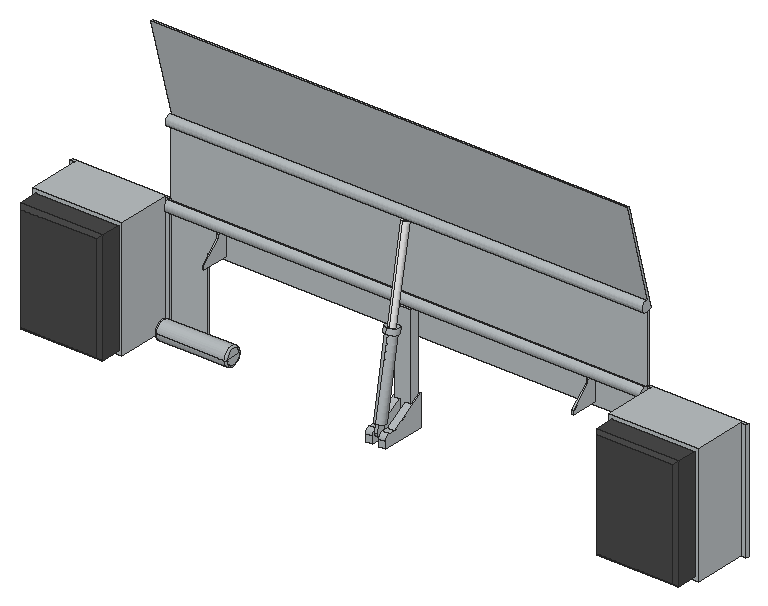
Revit family "DockEquipment_Leveler_Pentalift_EDH", category Specialty Equipment, host Face, Revit 2024
Family settings
  Host = Face
  Round Connector Dimension = Use Diameter
  Part Type = Normal
  Enable Cutting in Views = No
  Cut with Voids When Loaded = No
  Maintain Annotation Orientation = No
  Shared = No
  Room Calculation Point = No
Parameters
  YTotal [instance] = InclHeight + Unit Depth - 0' 2 1/4"  # 2' - 2 1/2"
  XDim [instance] = (((Platform Length - 0' 0 3/4") * cos(Incline Angle)) + (0' 0 1/4" * sin(Incline Angle))) - 0' 6" + 0' 0 3/4"  # -0' - 5"
  Warranty Duration (Years) = 0
  Unit Width = 6' - 0"
  Unit Depth = 1' - 6"
  URL = "http://www.pentalift.com/index.php"
  Test Data = ""
  Specification = ""
  SpecWizard = ""
  Send Message = "http://www.arcat.com/users.pl?action=UserEmail&company=Pentalift Equipment Corp.&coid=34752&rep=119&fax=519-763-2894&mf="
  Sales Information = "http://www.pentalift.com/about-us.htm"
  Revision = "R1_1_2012"
  Product Properties = ""
  Product Data = "http://www.arcat.com/arcatcos/cos34/arc34752.html"
  Pit Length = 1' - 0"
  PistonAngle [instance] = if(PA < 0.00°, (90.00° - abs(PA)) + 90.00°, PA)  # 100.685°
  Piston Length [instance] = abs(XDim / cos(PA))  # 2' - 2.96757"
  PL/2 [instance] = Piston Length / 2  # 1' - 1.48379"
  Platform Length = 0' - 11 1/2"
  PA [instance] = atan(YTotal / XDim)  # -79.3151°
  Model = "As Specified"
  Material = Metal - Steel - Pentalift - Painted - Gray
  Manufacturer Website = "http://www.pentalift.com/index.php"
  Manufacturer Phone - Toll Free = ""
  Manufacturer Phone = "519-763-3625"
  Manufacturer Fax = "519-763-2894"
  Manufacturer Address = "21 Nicholas Beaver Rd. Guelph, ON, Canada N1H 6H9 "
  Manufacturer = "Pentalift Equipment Corp."
  Maintenance Schedule (Months) = 0
  Lip Length [instance] = 1' - 4"
  Lip Angle [instance] = 0.00°
  Keynote = "11160"
  Installation-Fabrication = ""
  Installation Phase = ""
  Incline Angle [instance] = 90.00°
  InclHeight [instance] = ((Platform Length - 0' 0 3/4") * sin(Incline Angle)) - (0' 0 1/4" * cos(Incline Angle))  # 0' - 10 3/4"
  Green Building-LEED = ""
  Pit Extension Right [instance] = 1' - 3"
  Pit Extension Left [instance] = 1' - 3"
  Expected Lifespan (Years) = 0
  Drawn By = "Sumex Design, Inc. / Robert S. Weygant, CSI, CDT, SCIP"
  Description = "Pentalift Dock Equipment as Specified"
  Default Elevation = 4' - 0"
  Copyright = "©Arcat Inc."
  Construction Details = "http://www.arcat.com/details/pentalif/pentalif.html?coid=34752"
  Capacity (Weight) = 100.00 kip
  Building Codes = ""
  Assembly Code = "E1030300"
Reference planes (in)
  plane 1 "Center (Front/Back)": y = 0
  plane 2: z = 0
  plane 3 "Center (Left/Right)": x = 0
  plane 4: y = 6
  plane 5: y = -6
  plane 6: x = -36
  plane 7: x = 36
  plane 8: z = -18
  plane 9: x = -28
  plane 10: x = 28
  plane 11: y = 0
  plane 12: z = -16.5
  plane 13: z = -14
  plane 14: x = -51
  plane 15: x = 51
Forms (in)
  Extrusion 1, void
    sketch origin (0, 0, 0) x (1, 0, 0) y (0, 1, 0)
      loop
        line (-51, -6) -> (51, -6) -> (51, 6) -> (-51, 6) -> (-51, -6)
    from 0 to -18
  Revolve 2, solid, material "Metal - Steel - Pentalift - Painted - Gray" <- "Material"
    sketch origin (0, 0, -16.5) x (0, 0.185408, 0.982662) y (0, -0.982662, 0.185408)
      loop
        line (1.25, 0) -> (13.48379, 0) -> (13.48379, 1) -> (12.73379, 1) -> (12.73379, 0.75) -> (1.25, 0.75) -> (1.25, 0)
      axis (1.25, 0) -> (13.48379, 0)
    angle from 0 to 360
  Revolve 3, solid, material "Metal - Chrome - Pentalift - Polished"
    sketch origin (0, 0, -16.5) x (0, 0.185408, 0.982662) y (0, -0.982662, 0.185408)
      loop
        line (13.48379, 0) -> (26.96757, 0) -> (26.96757, 0.5) -> (13.48379, 0.5) -> (13.48379, 0)
      axis (13.48379, 0) -> (26.96757, 0)
    angle from 0 to 360
  Extrusion 4, solid, material "Metal - Steel - Pentalift - Painted - Gray" <- "Material"
    sketch origin (-11.83813, 6, 48) x (-1, 0, 0) y (0, 0, 1)
      loop
        line (24.16187, -49.5) -> (-47.83813, -49.5) -> (-47.83813, -53.5) -> (18.66187, -53.5) -> (18.66187, -66) -> (24.16187, -66) -> (24.16187, -49.5)
    from 0 to -0.25
  Extrusion 5, solid, material "Metal - Steel - Pentalift - Painted - Gray" <- "Material"
    sketch origin (0, 0, 0) x (0, 1, 0) y (0, 0, 1)
      loop
        line (6, -18) -> (6, -13.26748) -> (1.06106, -16.1875) -> (0.1875, -16.1875)
        arc (0.1875, -16.1875) -> (-0.34283, -16.40717) -> (-0.5625, -16.9375) r 0.75
        line (-0.5625, -16.9375) -> (-0.5625, -18) -> (6, -18)
    from 0.5 to 1.5
  Sweep 6, solid, material "Metal - Steel - Pentalift - Painted - Gray" <- "Material"
    path origin (6.16187, 6, 48) x (-1, 0, 0) y (0, 0, 1)
      loop
        line (6.16187, -66) -> (6.16187, -49.5)
    profile origin (0, 6, -9.75) x (1, 0, 0) y (0, 1, 0)
      loop
        line (-1.25, -0.25) -> (-1.25, -1.5) -> (1.25, -1.5) -> (1.25, -0.25) -> (-1.25, -0.25)
  Extrusion 7, solid, material "Metal - Steel - Pentalift - Painted - Gray" <- "Material"
    sketch origin (0, 0, -16.5) x (0, 0.185408, 0.982662) y (0, -0.982662, 0.185408)
      loop
        line (1.25, 0.5) -> (0, 0.5)
        arc (0, 0.5) -> (-0.5, 0) -> (0, -0.5) r 0.5
        line (0, -0.5) -> (1.25, -0.5) -> (1.25, 0.5)
    from -0.25 to 0.25
  Extrusion 8, solid, material "Metal - Steel - Pentalift - Painted - Gray" <- "Material"
    sketch origin (0, 0, 0) x (0, 1, 0) y (0, 0, 1)
      loop
        line (6, -18) -> (6, -13.26748) -> (1.06106, -16.1875) -> (0.1875, -16.1875)
        arc (0.1875, -16.1875) -> (-0.34283, -16.40717) -> (-0.5625, -16.9375) r 0.75
        line (-0.5625, -16.9375) -> (-0.5625, -18) -> (6, -18)
    from -0.5 to -1.5
  Revolve 9, solid, material "Metal - Steel - Pentalift - Painted - Gray" <- "Material"
    sketch origin (19.5, -180, -14) x (-1, 0, 0) y (0, -1, 0)
      loop
        line (41.5, -180) -> (41.5, -181.125)
        arc (41.5, -181.125) -> (41.57322, -181.30178) -> (41.75, -181.375) r 0.25
        line (41.75, -181.375) -> (52, -181.375)
        arc (52, -181.375) -> (52.17678, -181.30178) -> (52.25, -181.125) r 0.25
        line (52.25, -181.125) -> (52.25, -180) -> (41.5, -180)
      axis (41.5, -180) -> (52.25, -180)
    angle from 0 to 360
  Extrusion 10, solid, material "Metal - Steel - Pentalift - Painted - Gray" <- "Material"
    sketch origin (28, 60, 48) x (0, 1, 0) y (0, 0, 1)
      loop
        line (-54.25, -53) -> (-54.25, -49.5) -> (-55.5, -49.5) -> (-55.5, -50) -> (-58.28679, -52.50924) -> (-58.28679, -53) -> (-54.25, -53)
    from 0 to -0.25
  Extrusion 11, solid, material "Metal - Steel - Pentalift - Painted - Gray" <- "Material"
    sketch origin (-28, 60, 48) x (0, 1, 0) y (0, 0, 1)
      loop
        line (-54.25, -53) -> (-54.25, -49.5) -> (-55.5, -49.5) -> (-55.5, -50) -> (-58.28679, -52.50924) -> (-58.28679, -53) -> (-54.25, -53)
    from 0 to 0.25
  Extrusion 12, solid, material "Metal - Steel - Pentalift - Painted - Gray" <- "Material"
    sketch origin (0, 0, 0) x (1, 0, 0) y (0, 1, 0)
      loop
        line (-51, 6) -> (-51, 5.5) -> (-50.25, 5.5) -> (-50.25, -2.5) -> (-36.75, -2.5) -> (-36.75, 5.5) -> (-36, 5.5) -> (-36, 6) -> (-51, 6)
      loop
        line (51, 6) -> (36, 6) -> (36, 5.5) -> (36.75, 5.5) -> (36.75, -2.5) -> (50.25, -2.5) -> (50.25, 5.5) -> (51, 5.5) -> (51, 6)
    from 0 to -18
  Sweep 13, solid, material "Rubber - Pentalift - Black"
    path in 3D
      loop
        line (-36.75, -2.5, 0) -> (-36.75, -2.5, -18) -> (-50.25, -2.5, -18) -> (-50.25, -2.5, 0) -> (-36.75, -2.5, 0)
    profile origin (-43.5, -2.5, 0) x (0, 1, 0) y (0, 0, 1)
      loop
        line (0, -0.5) -> (-3, -0.5) -> (-3.5, -1) -> (-3.5, -3) -> (0, -3) -> (0, -0.5)
  Sweep 14, solid, material "Rubber - Pentalift - Black"
    path in 3D
      loop
        line (50.25, -2.5, 0) -> (50.25, -2.5, -18) -> (36.75, -2.5, -18) -> (36.75, -2.5, 0) -> (50.25, -2.5, 0)
    profile origin (43.5, -2.5, 0) x (0, 1, 0) y (0, 0, 1)
      loop
        line (0, -0.5) -> (-3, -0.5) -> (-3.5, -1) -> (-3.5, -3) -> (0, -3) -> (0, -0.5)
  Extrusion 15, solid, material "Rubber - Pentalift - Black"
    sketch origin (-36.75, -2.5, 0) x (-1, 0, 0) y (0, 0, -1)
      loop
        line (10.5, 3) -> (10.5, 15) -> (3, 15) -> (3, 3) -> (10.5, 3)
      loop
        line (-76.5, 15) -> (-84, 15) -> (-84, 3) -> (-76.5, 3) -> (-76.5, 15)
    from 0 to 3.5
Cuts and joins
  joined: Extrusion 4, Extrusion 5, Sweep 6, Extrusion 8, Extrusion 10, Extrusion 11
  joined: Revolve 2, Extrusion 7
  joined: Sweep 13, Sweep 14, Extrusion 15
Lines and regions (in)
  reference lines
    curve 1: line (0, 5.25, -0.75) -> (0, 5.25, 75.25)
    curve 2: line (0, 0, -16.5) -> (0, 9.82662, 35.58107)
  sketch lines
    curve 3: line (-50.25, -2.5, 0) -> (-36.75, -2.5, 0)
    curve 4: line (-36.75, -2.5, 0) -> (-36.75, -2.5, -18)
    curve 5: line (-36.75, -2.5, -18) -> (-50.25, -2.5, -18)
    curve 6: line (-50.25, -2.5, 0) -> (-50.25, -2.5, -18)
    curve 7: line (36.75, -2.5, 0) -> (50.25, -2.5, 0)
    curve 8: line (36.75, -2.5, 0) -> (36.75, -2.5, -18)
    curve 9: line (50.25, -2.5, -18) -> (36.75, -2.5, -18)
    curve 10: line (50.25, -2.5, 0) -> (50.25, -2.5, -18)
Text (in)
  text "Needs electrical connection - assume this would connect to hydraulic motor..." at (51.60765, 15.26914, 0), in view "Ref. Level"
Dimensions and locks (in)
  "Unit Depth": level to plane 8
  equal spacing: plane 4, plane 1 "Center (Front/Back)", plane 5
  equal spacing: plane 6, plane 3 "Center (Left/Right)", plane 7
  "Unit Width": plane 6 to plane 7
  locked: plane 6 to plane 9 at 8
  locked: plane 4 to plane 11 at 6
  locked: plane 12 to plane 8 at 1.5
  locked: plane 10 to plane 7 at 8
  "PL/2": curve 2 to Revolve 2 sketch curve
  locked: Revolve 2 sketch curve to Revolve 2 sketch curve at 0.75
  "PL/2": Revolve 3 sketch curve to curve 2
  "Piston Length": curve 2 to Revolve 3 sketch curve
  locked: plane 13 to plane 12 at 2.5
  "Pit Length": plane 4 to plane 5
  "Pit Extension Right": plane 7 to plane 15
  "Pit Extension Left": plane 14 to plane 6
  locked: plane 4 to curve 1 at 0.75
  locked: level to curve 1 at 0.75
  plane 15 to Extrusion 15 sketch curve to Extrusion 15 sketch curve = 0' - 3 3/4" locked, 0' - 7 1/2" locked
  "Incline Angle": angle level to curve 1
  "PistonAngle": angle plane 12 to curve 2
  aligned and locked: plane 2 to host face
  aligned and locked: level to host face
  aligned and locked: Extrusion 1 to plane 8
  aligned and locked: Extrusion 12 to plane 8
Automatic sketch dimensions
  host sketch curve to host sketch curve = 9' - 9.36358"
  host sketch curve to host sketch curve = 2' - 5.73628"
  Extrusion 1 sketch curve to plane 4 = 0' - 0"
  Extrusion 1 sketch curve to plane 14 = 0' - 0"
  Extrusion 1 sketch curve to plane 5 = 0' - 0"
  Extrusion 1 sketch curve to plane 15 = 0' - 0"
  curve 2 to plane 11 = 0' - 0"
  curve 2 to plane 12 = 0' - 0"
  Revolve 3 sketch curve to curve 2 = 0' - 0"  (x2)
  Revolve 3 sketch curve to curve 2 = 0' - 1"
  Revolve 3 sketch curve to Revolve 3 sketch curve = 0' - 5 1/2"
  Revolve 3 sketch curve to Revolve 3 sketch curve = 0' - 0 1/2"
  Sweep 6 sketch curve to plane 3 "Center (Left/Right)" = 0' - 0"
  Sweep 6 sketch curve to plane 8 = 0' - 0"
  Sweep 6 sketch curve to level = 0' - 1 1/2"
  profile plane to Sweep 6 sketch curve = 0' - 1 1/4"
  Sweep 6 sketch curve to profile plane = 0' - 1 1/4"
  Sweep 6 sketch curve to plane 4 = 0' - 1 1/2"
  Sweep 6 sketch curve to plane 4 = 0' - 0 1/4"
  Extrusion 5 sketch curve to plane 8 = 0' - 0"
  Revolve 2 sketch curve to curve 2 = 0' - 0"  (x2)
  curve 2 to Revolve 2 sketch curve = 0' - 1 1/4"
  Revolve 2 sketch curve to curve 2 = 0' - 1"
  Revolve 2 sketch curve to Revolve 2 sketch curve = 0' - 5 1/2"
  curve 2 to Revolve 2 sketch curve = 0' - 0 3/4"
  Revolve 2 sketch curve to Revolve 2 sketch curve = 0' - 0 1/4"
  plane 12 to Extrusion 5 sketch curve = 0' - 0 5/16"
  Extrusion 5 sketch curve to plane 11 = 0' - 1.06106"
  plane 13 to Extrusion 5 sketch curve = 0' - 0.73252"
  Extrusion 5 sketch curve to plane 11 = 0' - 0 3/16"
  plane 8 to Extrusion 5 sketch curve = 0' - 1 1/16"
  Extrusion 5 sketch curve to plane 4 = 0' - 0"
  Extrusion 8 sketch curve to plane 8 = 0' - 0"
  Extrusion 8 sketch curve to plane 11 = 0' - 0 3/16"
  Extrusion 8 sketch curve to plane 4 = 0' - 0"
  plane 8 to Extrusion 8 sketch curve = 0' - 1 1/16"
  plane 11 to Extrusion 8 sketch curve = 0' - 0 9/16"
  Extrusion 8 sketch curve to Extrusion 8 sketch curve = 0' - 0.87356"
  plane 13 to Extrusion 8 sketch curve = 0' - 0.73252"
  Extrusion 7 sketch curve to curve 2 = 0' - 0"  (x3)
  Extrusion 7 sketch curve to curve 2 = 0' - 0 1/2"
  Extrusion 7 sketch curve to Extrusion 7 sketch curve = 0' - 1 1/4"
  Extrusion 4 sketch curve to plane 9 = 0' - 2 1/2"
  Extrusion 4 sketch curve to level = 0' - 1 1/2"
  Extrusion 4 sketch curve to plane 6 = 0' - 0"
  Extrusion 4 sketch curve to Extrusion 4 sketch curve = 0' - 4"
  Extrusion 4 sketch curve to plane 8 = 0' - 0"
  Extrusion 4 sketch curve to plane 7 = 0' - 0"
  Revolve 9 sketch curve to plane 1 "Center (Front/Back)" = 0' - 0"  (x2)
  plane 9 to Revolve 9 sketch curve = 0' - 7 1/4"
  Revolve 9 sketch curve to Revolve 9 sketch curve = 0' - 1 1/4"
  Revolve 9 sketch curve to Revolve 9 sketch curve = 0' - 0 1/4"  (x2)
  Revolve 9 sketch curve to plane 1 "Center (Front/Back)" = 0' - 1 3/8"
  plane 6 to Revolve 9 sketch curve = 0' - 3 1/2"
  Revolve 9 sketch curve to plane 6 = 0' - 1"
  Extrusion 10 sketch curve to plane 1 "Center (Front/Back)" = 0' - 1.71321"
  Extrusion 10 sketch curve to plane 4 = 0' - 1 1/2"
  Extrusion 10 sketch curve to plane 4 = 0' - 0 1/4"
  Extrusion 10 sketch curve to level = 0' - 5"
  Extrusion 10 sketch curve to Extrusion 10 sketch curve = 0' - 0.49076"
  Extrusion 10 sketch curve to level = 0' - 2"
  Extrusion 10 sketch curve to Extrusion 10 sketch curve = 0' - 0 1/2"
  Extrusion 11 sketch curve to plane 1 "Center (Front/Back)" = 0' - 1.71321"
  Extrusion 11 sketch curve to plane 4 = 0' - 1 1/2"
  Extrusion 11 sketch curve to plane 4 = 0' - 0 1/4"
  Extrusion 11 sketch curve to level = 0' - 5"
  Extrusion 11 sketch curve to Extrusion 11 sketch curve = 0' - 0.49076"
  Extrusion 11 sketch curve to level = 0' - 2"
  Extrusion 11 sketch curve to Extrusion 11 sketch curve = 0' - 0 1/2"
  Extrusion 12 sketch curve to plane 4 = 0' - 0"  (x2)
  Extrusion 12 sketch curve to plane 14 = 0' - 0"
  Extrusion 12 sketch curve to plane 6 = 0' - 0"
  Extrusion 12 sketch curve to plane 7 = 0' - 0"
  Extrusion 12 sketch curve to plane 15 = 0' - 0"
  plane 14 to Extrusion 12 sketch curve = 0' - 0 3/4"
  Extrusion 12 sketch curve to plane 6 = 0' - 0 3/4"
  plane 7 to Extrusion 12 sketch curve = 0' - 0 3/4"
  Extrusion 12 sketch curve to plane 15 = 0' - 0 3/4"
  Extrusion 12 sketch curve to plane 4 = 0' - 0 1/2"  (x3)
  Extrusion 12 sketch curve to Extrusion 12 sketch curve = 0' - 0 1/2"
  plane 1 "Center (Front/Back)" to Extrusion 12 sketch curve = 0' - 2 1/2"  (x2)
  Sweep 13 sketch curve to profile plane = 0' - 0"
  Sweep 13 sketch curve to profile plane = 0' - 0 1/2"
  profile plane to Sweep 13 sketch curve = 0' - 3"
  Sweep 13 sketch curve to Sweep 13 sketch curve = 0' - 0 1/2"  (x2)
  Sweep 13 sketch curve to profile plane = 0' - 3"
  Sweep 14 sketch curve to profile plane = 0' - 0"
  Sweep 14 sketch curve to profile plane = 0' - 0 1/2"
  profile plane to Sweep 14 sketch curve = 0' - 3"
  Sweep 14 sketch curve to Sweep 14 sketch curve = 0' - 0 1/2"  (x2)
  Sweep 14 sketch curve to Sweep 14 sketch curve = 0' - 2 1/2"
  Extrusion 12 to Extrusion 15 sketch curve = 0' - 3"  (x5)
  Extrusion 15 sketch curve to Extrusion 12 = 0' - 3"
Nested families (in)
  nested 1: "Platform_EOD" at (0, 5.25, 4.25) x (1, 0, 0) z (0, 1, 0), Material <- "Material", Unit Width <- "Unit Width", Unit Length <- "Platform Length", Lip Length <- "Lip Length", Lip Angle <- "Lip Angle", type "Platform_EOD"
    with offset 0' - 0", ll 1' - 3 1/4", Unit Width 6' - 0", Unit Length 0' - 11 1/2", Material Metal - Steel - Pentalift - Painted - Gray, Lip Length 1' - 4", Lip Angle 0.00°
Definition of nested family "Platform_EOD"
  Parameters
    offset [instance] = 0' - 0"
    ll [instance] = Lip Length - 0' 0 3/4"  # 1' - 3 1/4"
    Warranty Duration (Years) = 0
    Unit Width [instance] = 6' - 0"
    Unit Length [instance] = 0' - 11 1/2"
    Unit Depth = 0' - 6 1/4"
    URL = "http://www.pentalift.com/index.php"
    Specification = ""
    SpecWizard = ""
    Send Message = "http://www.arcat.com/users.pl?action=UserEmail&company=Pentalift Equipment Corp.&coid=34752&rep=119&fax=519-763-2894&mf="
    Sales Information = "http://www.pentalift.com/about-us.htm"
    Revision = "R1_01-2012"
    Product Properties = ""
    Product Data = "http://www.arcat.com/arcatcos/cos34/arc34752.html"
    Model = "As Specified"
    Material [instance] = none
    Manufacturer Website = "http://www.pentalift.com/index.php"
    Manufacturer Phone - Toll Free = ""
    Manufacturer Phone = "519-763-3625 "
    Manufacturer Fax = "519-763-2894"
    Manufacturer Address = "21 Nicholas Beaver Rd. Guelph, ON, Canada N1H 6H9 "
    Manufacturer = "Pentalift Equipment Corp."
    Maintenance Schedule (Months) = 0
    Lip Length [instance] = 1' - 4"
    Lip Angle [instance] = 15.00°
    Keynote = "11160"
    Installation-Fabrication = ""
    Installation Phase = ""
    Green Building-LEED = ""
    Expected Lifespan (Years) = 0
    Drawn By = "Sumex Design, Inc. / Robert S. Weygant, CSI, CDT, SCIP"
    Description = "Pentalift Dock Equipment as Specified"
    Default Elevation = 4' - 0"
    Copyright = "©Arcat Inc."
    Construction Details = "http://www.arcat.com/details/pentalif/pentalif.html?coid=34752"
    Assembly Code = "E1030300"
  Reference planes (in)
    plane 1 "Center (Front/Back)": y = 0
    plane 2 "Bottom": z = 0
    plane 3 "Center (Left/Right)": x = 0
    plane 4 "Front": y = -5.75
    plane 5 "Back": y = 5.75
    plane 6 "Left": x = -36
    plane 7 "Right": x = 36
    plane 8: y = -6.5
    plane 9: x = -28
    plane 10: x = -20
    plane 11: x = -12
    plane 12: x = -4
    plane 13: x = 4
    plane 14: x = 12
    plane 15: x = 20
    plane 16: x = 28
    plane 17: z = 0.75
    plane 18: y = 5
  Forms (in)
    Extrusion 1, solid, material <- "Material"
      sketch origin (0, 67, 0.75) x (0, 1, 0) y (-1, 0, 0)
        loop
          line (-61.5904, 36) -> (-72.75, 36) -> (-72.75, -36) -> (-61.5904, -36) -> (-61.5904, 36)
      from 0 to -0.25
    Extrusion 2, solid, material <- "Material"
      sketch origin (0, -6.5, 0.25) x (0, -0.965926, -0.258819) y (0, 0.258819, -0.965926)
        loop
          line (-0.75, -0.75) -> (15.25, -0.75) -> (15.25, -0.5) -> (0.55902, -0.5)
          arc (0.55902, -0.5) -> (0, 0.75) -> (-0.55902, -0.5) r 0.75
          line (-0.55902, -0.5) -> (-0.75, -0.5) -> (-0.75, -0.75)
      from -36 to 36
    Extrusion 3, solid, material <- "Material"
      sketch origin (-36, 16.34522, 48) x (0, 1, 0) y (0, 0, 1)
        loop
          circle (-11.34522, -48) r 0.75
      from 0 to 72
  Cuts and joins
    joined: Extrusion 1, Extrusion 3
  Lines and regions (in)
    reference lines
      curve 1: line (0, -6.5, 0.25) -> (0, -31.61407, -6.4793)
      curve 2: line (0, -6.5, 0.25) -> (0, -7.08234, 2.42333)
  Dimensions and locks (in)
    equal spacing: plane 6 "Left", plane 3 "Center (Left/Right)", plane 7 "Right"
    "Unit Width": plane 6 "Left" to plane 7 "Right"
    equal spacing: plane 5 "Back", plane 1 "Center (Front/Back)", plane 4 "Front"
    "Unit Length": plane 5 "Back" to plane 4 "Front"
    locked: plane 4 "Front" to plane 8 at 0.75
    equal spacing: plane 6 "Left", plane 9, plane 10, plane 11, plane 12, plane 13, plane 14, plane 15, plane 16, plane 7 "Right"
    locked: curve 1 to level at 0.25
    "ll": Extrusion 2 sketch curve to curve 2
    locked: curve 2 to Extrusion 2 sketch curve at 0.75
    locked: plane 17 to level at 0.75
    locked: plane 5 "Back" to plane 18 at 0.75
    aligned and locked: Extrusion 2 to plane 6 "Left"
    aligned and locked: plane 7 "Right" to Extrusion 2
    aligned and locked: plane 7 "Right" to Extrusion 3
  Automatic sketch dimensions
    curve 2 to curve 1 = 0' - 0"  (x2)
    curve 2 to curve 1 = 0' - 2 1/4"
    Extrusion 2 sketch curve to curve 1 = 0' - 0"  (x2)
    curve 1 to Extrusion 2 sketch curve = 0' - 0 1/2"
    curve 1 to Extrusion 2 sketch curve = 0' - 0 3/4"
    Extrusion 2 sketch curve to Extrusion 2 sketch curve = 0' - 0 1/4"
    Extrusion 2 sketch curve to Extrusion 2 sketch curve = 0' - 0"
    curve 1 to plane 8 = 0' - 0"
    plane 8 to curve 1 = 2' - 1.11407"
    Extrusion 1 sketch curve to plane 4 "Front" = 0' - 0"
    Extrusion 1 sketch curve to plane 5 "Back" = 0' - 0.3404"
    Extrusion 1 sketch curve to plane 7 "Right" = 0' - 0"
    Extrusion 1 sketch curve to plane 6 "Left" = 0' - 0"
    Extrusion 3 sketch curve to level = 0' - 0"
    Extrusion 3 sketch curve to plane 18 = 0' - 0"
    curve 1 to level = 0' - 6.4793"
    radius of Extrusion 2 sketch curve = 0' - 0 3/4"
    radius of Extrusion 3 sketch curve = 0' - 0 3/4"
